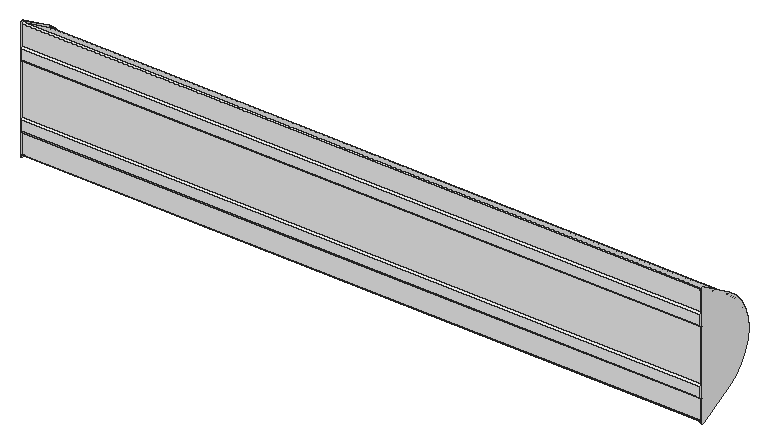
Revit family "LELW", category Lighting Fixtures, host Wall, Revit 2019
Family settings
  Host = Wall
  Round Connector Dimension = Use Diameter
  Part Type = Normal
  OmniClass Number = 23.80.70.00
  OmniClass Title = Lighting
  Always vertical = Yes
  Cut with Voids When Loaded = No
  Light Source = Yes
  Shared = No
  Room Calculation Point = No
Parameters (values of type "LELW48-LED840K082LUNV")
  Width = 0' - 8 13/256"
  Wattage = 64 W
  built-in parameter 1150110 = 1 (stored number, unit not read)
  Voltage = 120 V
  URL = "https://www.viscor.com/en/products/lelw"
  built-in parameter 1114217 = 0.9 (stored number, unit not read)
  Tilt Angle = 0.00° - 180.00°  # -180.00°
  built-in parameter 1150109 = 1 (stored number, unit not read)
  built-in parameter 1150134 = 12
  built-in parameter 1150113 = 1 (stored number, unit not read)
  Photometric Web File = "LELW48-LED840K082LUNV.ies"
  Model = "LELW"  # constant formula
  Manufacturer = "VISIONEERING by VISCOR"  # constant formula
  Lumens = 8448 lm
  built-in parameter 1150115 = 1 (stored number, unit not read)
  built-in parameter 1150105 = 672.27 (stored number, unit not read)
  built-in parameter 1150137 = (empty or 0)
  built-in parameter 1150139 = (empty or 0)
  Lens Finish = Acrylic - Viscor - Frosted Extruded Micro-Grooved
  Length = 3' - 9 5/128"
  Lamp Wattage = 64 VA
  built-in parameter 1150112 = 1 (stored number, unit not read)
  built-in parameter 1150114 = 1 (stored number, unit not read)
  Lamp = "LED"  # constant formula
  built-in parameter 1150132 = (empty or 0)
  built-in parameter 1150102 = (empty or 0)
  built-in parameter 1150138 = (empty or 0)
  built-in parameter 1150107 = 4000 (stored number, unit not read)
  built-in parameter 1150106 = 6.7227 (stored number, unit not read)
  Housing Finish = Metal - Viscor - White
  Emit from Line Length = Length  # 3' - 9 5/128"
  built-in parameter 1150104 = 12.263 (stored number, unit not read)
  Dimming Lamp Color Temperature Shift = <None>
  Description = "Specification-Grade ADA Surface Mount LED Luminarie"  # constant formula
  Color Filter = 16777215
  built-in parameter 1114218 = 1 (stored number, unit not read)
  built-in parameter 1150133 = 10 (stored number, unit not read)
  Assembly Code = "D5020200"
  Apparent Load = Lamp Wattage  # 64 VA
Types (6): name | Wattage | Photometric Web File | Lumens | built-in parameter 1150105 | Length | Lamp Wattage | built-in parameter 1150106 | Emit from Line Length | built-in parameter 1150104 | Apparent Load
  (no name) | 64 W | "LELW48-LED840K082LUNV.ies" | 8448 lm | 672.27 (stored number, unit not read) | 3' - 9 5/128" | 64 VA | 6.7227 (stored number, unit not read) | 3' - 9 5/128" | 12.263 (stored number, unit not read) | 64 VA
  LELW24-LED840K020LUNV | 16 W | "LELW24-LED840K020LUNV.ies" | 2080 lm | 165.52 (stored number, unit not read) | 1' - 11 5/128" | 16 VA | 1.6552 (stored number, unit not read) | 1' - 11 5/128" | 12.077 (stored number, unit not read) | 16 VA
  LELW24-LED840K041LUNV | 32 W | "LELW24-LED840K041LUNV.ies" | 4160 lm | 331.04 (stored number, unit not read) | 1' - 11 5/128" | 32 VA | 3.3104 (stored number, unit not read) | 1' - 11 5/128" | 12.077 (stored number, unit not read) | 32 VA
  LELW48-LED840K053LUNV | 39 W | "LELW48-LED840K053LUNV.ies" | 5382 lm | 428.29 (stored number, unit not read) | 3' - 9 5/128" | 39 VA | 4.2829 (stored number, unit not read) | 3' - 9 5/128" | 12.821 (stored number, unit not read) | 39 VA
  LELW48-LED840K082LUNV | 64 W | "LELW48-LED840K082LUNV.ies" | 8448 lm | 672.27 (stored number, unit not read) | 3' - 9 5/128" | 64 VA | 6.7227 (stored number, unit not read) | 3' - 9 5/128" | 12.263 (stored number, unit not read) | 64 VA
  LELW48-LED840K041LUNV | 32 W | "LELW48-LED840K041LUNV.ies" | 4160 lm | 331.04 (stored number, unit not read) | 3' - 9 5/128" | 32 VA | 3.3104 (stored number, unit not read) | 3' - 9 5/128" | 12.077 (stored number, unit not read) | 32 VA
Reference planes (in)
  plane 1: y = 0
  plane 2 "Light Source Axis (F/B)": y = 6.90625
  plane 3 "Light Source Axis (L/R)": x = -1.43133
  plane 4 "Light Source Elevation": z = 77.7706
  plane 5: z = 81.79599
  plane 6: z = 73.7452
  plane 7: x = 21.08821
  plane 8: x = -23.95086
  plane 9: x = -23.91961
  plane 10: x = 21.05696
Forms (in)
  Extrusion 1, solid, material "Metal - Viscor - White" <- "Housing Finish"
    sketch origin (-1.43133, 0, 0) x (0, -1, 0) y (0, 0, 1)
      loop
        arc (-5.3166, 80.23475) -> (-6.938, 77.42225) -> (-5.3166, 74.60975) r 3.25
        line (-5.3166, 74.60975) -> (-3.25064, 73.41344)
        arc (-3.25064, 73.41344) -> (-3.12557, 73.41332) -> (-3.063, 73.52161) r 0.125
        line (-3.063, 73.52161) -> (-3.063, 81.32289)
        arc (-3.063, 81.32289) -> (-3.12557, 81.43118) -> (-3.25064, 81.43106) r 0.125
        line (-3.25064, 81.43106) -> (-5.3166, 80.23475)
    from -22.51953 to -22.48828
  Extrusion 2, solid, material "Metal - Viscor - White" <- "Housing Finish"
    sketch origin (-1.43133, 0, 0) x (0, -1, 0) y (0, 0, -1)
      loop
        line (-5.3166, -80.23475) -> (-3.25064, -81.43106)
        arc (-3.25064, -81.43106) -> (-3.12557, -81.43118) -> (-3.063, -81.32289) r 0.125
        line (-3.063, -81.32289) -> (-3.063, -73.52161)
        arc (-3.063, -73.52161) -> (-3.12557, -73.41332) -> (-3.25064, -73.41344) r 0.125
        line (-3.25064, -73.41344) -> (-5.3166, -74.60975)
        arc (-5.3166, -74.60975) -> (-6.938, -77.42225) -> (-5.3166, -80.23475) r 3.25
    from -22.51953 to -22.48828
  Extrusion 3, solid, material "Metal - Viscor - White" <- "Housing Finish"
    sketch origin (-1.43133, 0, 0) x (0, -1, 0) y (0, 0, 1)
      loop
        line (-4.53, 76.79372) -> (-4.53, 78.05078) -> (-5.00582, 80.04612) -> (-5.03622, 80.03887) -> (-4.56125, 78.0471) -> (-4.56125, 76.7974) -> (-5.03622, 74.80563) -> (-5.00582, 74.79838) -> (-4.53, 76.79372)
    from -22.48828 to 22.48828
  Extrusion 4, solid, material "Acrylic - Viscor - Frosted Extruded Micro-Grooved" <- "Lens Finish"
    sketch origin (-1.43133, 0, 0) x (0, -1, 0) y (0, 0, 1)
      loop
        line (-5.094, 80.13232) -> (-5.17361, 79.9295)
        arc (-5.17361, 79.9295) -> (-5.22443, 79.88898) -> (-5.28493, 79.91272) r 0.065
        line (-5.28493, 79.91272) -> (-5.34292, 79.98544)
        arc (-5.34292, 79.98544) -> (-5.38232, 80.0089) -> (-5.4274, 80.00051) r 0.065
        arc (-5.4274, 80.00051) -> (-6.88038, 77.42225) -> (-5.4274, 74.84399) r 3.01401
        arc (-5.4274, 74.84399) -> (-5.38232, 74.8356) -> (-5.34292, 74.85906) r 0.065
        line (-5.34292, 74.85906) -> (-5.28493, 74.93177)
        arc (-5.28493, 74.93177) -> (-5.22443, 74.95552) -> (-5.17361, 74.915) r 0.065
        line (-5.17361, 74.915) -> (-5.094, 74.71218) -> (-5.03815, 74.7341) -> (-5.11776, 74.93692)
        arc (-5.11776, 74.93692) -> (-5.21549, 75.01485) -> (-5.33184, 74.96918) r 0.125
        line (-5.33184, 74.96918) -> (-5.39099, 74.89501)
        arc (-5.39099, 74.89501) -> (-6.81788, 77.42225) -> (-5.39099, 79.94949) r 2.95151
        line (-5.39099, 79.94949) -> (-5.33184, 79.87532)
        arc (-5.33184, 79.87532) -> (-5.21549, 79.82965) -> (-5.11776, 79.90758) r 0.125
        line (-5.11776, 79.90758) -> (-5.03815, 80.1104) -> (-5.094, 80.13232)
    from -22.48828 to 22.48828
  Extrusion 5, solid, material "Metal - Viscor - White" <- "Housing Finish"
    sketch origin (-1.43133, 0, 0) x (0, -1, 0) y (0, 0, 1)
      loop
        arc (-5.36372, 74.83488) -> (-5.39308, 74.77535) -> (-5.35865, 74.7186) r 0.069
        line (-5.35865, 74.7186) -> (-3.2285, 73.48876)
        arc (-3.2285, 73.48876) -> (-3.1595, 73.48876) -> (-3.125, 73.54852) r 0.069
        line (-3.125, 73.54852) -> (-3.125, 74.84732) -> (-3, 74.97232) -> (-3, 75.62218) -> (-3.125, 75.74718) -> (-3.125, 79.09732) -> (-3, 79.22232) -> (-3, 79.87218) -> (-3.125, 79.99718) -> (-3.125, 81.29598)
        arc (-3.125, 81.29598) -> (-3.1595, 81.35574) -> (-3.2285, 81.35574) r 0.069
        line (-3.2285, 81.35574) -> (-5.35865, 80.1259)
        arc (-5.35865, 80.1259) -> (-5.39308, 80.06915) -> (-5.36372, 80.00962) r 0.069
        line (-5.36372, 80.00962) -> (-5.2067, 79.89967) -> (-5.18877, 79.92527) -> (-5.3458, 80.03522)
        arc (-5.3458, 80.03522) -> (-5.36186, 80.06779) -> (-5.34302, 80.09883) r 0.03775
        line (-5.34302, 80.09883) -> (-3.21287, 81.32867)
        arc (-3.21287, 81.32867) -> (-3.17512, 81.32867) -> (-3.15625, 81.29598) r 0.03775
        line (-3.15625, 81.29598) -> (-3.15625, 79.98423) -> (-3.03125, 79.85923) -> (-3.03125, 79.23527) -> (-3.15625, 79.11027) -> (-3.15625, 75.73423) -> (-3.03125, 75.60923) -> (-3.03125, 74.98527) -> (-3.15625, 74.86027) -> (-3.15625, 73.54852)
        arc (-3.15625, 73.54852) -> (-3.17512, 73.51583) -> (-3.21287, 73.51583) r 0.03775
        line (-3.21287, 73.51583) -> (-5.34302, 74.74567)
        arc (-5.34302, 74.74567) -> (-5.36186, 74.77671) -> (-5.3458, 74.80928) r 0.03775
        line (-5.3458, 74.80928) -> (-5.18877, 74.91923) -> (-5.2067, 74.94483) -> (-5.36372, 74.83488)
    from -22.48828 to 22.48828
Text (in)
  text "Placement Side" at (0, 40.15149, 123.01588), in view "Right"
  text "Placement Side" at (-70.3804, 28.46503, 0), in view "Ref. Level"
  text "Placement Side" at (0, 85.69064, 140.59947), in view "Left"
Dimensions and locks (in)
  equal spacing: plane 8, plane 3 "Light Source Axis (L/R)", plane 7
  equal spacing: plane 6, plane 4 "Light Source Elevation", plane 5
  "Length": plane 8 to plane 7
  "Width": plane 6 to plane 5
  locked: plane 10 to plane 7 at 0.03125
  locked: plane 8 to plane 9 at 0.03125
  aligned: level to host wall
  aligned and locked: plane 3 "Light Source Axis (L/R)" to imposter light
  aligned and locked: plane 2 "Light Source Axis (F/B)" to imposter light
  aligned and locked: plane 4 "Light Source Elevation" to imposter light
  aligned and locked: Extrusion 1 to plane 7
  aligned and locked: plane 10 to Extrusion 1
  aligned and locked: plane 8 to Extrusion 2
  aligned and locked: Extrusion 2 to plane 9
  aligned and locked: Extrusion 3 to plane 10
  aligned and locked: plane 9 to Extrusion 3
  aligned and locked: plane 9 to Extrusion 4
  aligned and locked: Extrusion 4 to plane 10
  aligned and locked: Extrusion 5 to plane 10
  aligned and locked: plane 9 to Extrusion 5
Automatic sketch dimensions
  plane 2 "Light Source Axis (F/B)" to Extrusion 1 sketch curve = 0' - 1.58965"  (x2)
  plane 4 "Light Source Elevation" to Extrusion 1 sketch curve = 0' - 0.34835"
  host wall to Extrusion 1 sketch curve = 0' - 0.688"
  host wall to Extrusion 1 sketch curve = 0' - 0.25064"  (x2)
  Extrusion 1 sketch curve to Extrusion 1 sketch curve = 0' - 0.06264"  (x2)
  host wall to Extrusion 1 sketch curve = 0' - 0.063"
  plane 6 to Extrusion 1 sketch curve = 0' - 0.86454"
  Extrusion 1 sketch curve to plane 6 = 0' - 0.2236"
  Extrusion 1 sketch curve to plane 5 = 0' - 0.4731"
  plane 2 "Light Source Axis (F/B)" to Extrusion 2 sketch curve = 0' - 1.58965"  (x2)
  plane 4 "Light Source Elevation" to Extrusion 2 sketch curve = 0' - 0.34835"
  host wall to Extrusion 2 sketch curve = 0' - 0.688"
  host wall to Extrusion 2 sketch curve = 0' - 0.25064"  (x2)
  Extrusion 2 sketch curve to Extrusion 2 sketch curve = 0' - 0.06264"  (x2)
  host wall to Extrusion 2 sketch curve = 0' - 0.063"
  Extrusion 2 sketch curve to plane 5 = 0' - 1.56124"
  Extrusion 2 sketch curve to plane 5 = 0' - 0.4731"
  Extrusion 2 sketch curve to plane 6 = 0' - 0.2236"
  plane 2 "Light Source Axis (F/B)" to Extrusion 3 sketch curve = 0' - 1.87003"
  Extrusion 3 sketch curve to Extrusion 3 sketch curve = 0' - 0.0304"  (x2)
  host wall to Extrusion 3 sketch curve = 0' - 1.56125"
  plane 4 "Light Source Elevation" to Extrusion 3 sketch curve = 0' - 0.97687"
  Extrusion 3 sketch curve to Extrusion 3 sketch curve = 0' - 0.00367"  (x2)
  Extrusion 3 sketch curve to plane 4 "Light Source Elevation" = 0' - 0.27651"
  plane 6 to Extrusion 3 sketch curve = 0' - 1.06042"
  Extrusion 3 sketch curve to Extrusion 3 sketch curve = 0' - 0.00725"
  plane 2 "Light Source Axis (F/B)" to Extrusion 4 sketch curve = 0' - 1.67214"
  Extrusion 4 sketch curve to Extrusion 4 sketch curve = 0' - 0.06051"  (x2)
  Extrusion 4 sketch curve to plane 5 = 0' - 1.86648"
  Extrusion 4 sketch curve to Extrusion 4 sketch curve = 0' - 0.02375"
  Extrusion 4 sketch curve to Extrusion 4 sketch curve = 0' - 0.05082"  (x4)
  Extrusion 4 sketch curve to Extrusion 4 sketch curve = 0' - 0.07961"  (x2)
  Extrusion 4 sketch curve to Extrusion 4 sketch curve = 0' - 0.05798"  (x2)
  Extrusion 4 sketch curve to Extrusion 4 sketch curve = 0' - 0.07271"  (x2)
  Extrusion 4 sketch curve to Extrusion 4 sketch curve = 0' - 0.04053"  (x2)
  Extrusion 4 sketch curve to Extrusion 4 sketch curve = 0' - 0.03367"  (x2)
  plane 4 "Light Source Elevation" to Extrusion 4 sketch curve = 0' - 0.34835"
  Extrusion 4 sketch curve to Extrusion 4 sketch curve = 0' - 0"  (x8)
  plane 6 to Extrusion 4 sketch curve = 0' - 1.09878"
  Extrusion 4 sketch curve to Extrusion 4 sketch curve = 0' - 0.20282"
  plane 6 to Extrusion 4 sketch curve = 0' - 0.98889"
  plane 6 to Extrusion 4 sketch curve = 0' - 1.19172"
  Extrusion 4 sketch curve to Extrusion 4 sketch curve = 0' - 0.04691"  (x2)
  Extrusion 4 sketch curve to Extrusion 4 sketch curve = 0' - 0.00274"  (x2)
  Extrusion 4 sketch curve to Extrusion 4 sketch curve = 0' - 0.00458"
  Extrusion 4 sketch curve to Extrusion 4 sketch curve = 0' - 0.03741"
  Extrusion 4 sketch curve to Extrusion 4 sketch curve = 0' - 0.05585"
  Extrusion 4 sketch curve to Extrusion 4 sketch curve = 0' - 0.02192"
  Extrusion 5 sketch curve to Extrusion 5 sketch curve = 0' - 0"  (x8)
  Extrusion 5 sketch curve to host wall = 0' - 0"  (x2)
  host wall to Extrusion 5 sketch curve = 0' - 0 1/32"  (x2)
  host wall to Extrusion 5 sketch curve = 0' - 0 1/8"  (x3)
  Extrusion 5 sketch curve to Extrusion 5 sketch curve = 0' - 0 1/32"  (x3)
  Extrusion 5 sketch curve to Extrusion 5 sketch curve = 0' - 0.03775"  (x2)
  Extrusion 5 sketch curve to Extrusion 5 sketch curve = 0' - 0.01887"  (x3)
  Extrusion 5 sketch curve to Extrusion 5 sketch curve = 0' - 0 1/64"  (x4)
  plane 2 "Light Source Axis (F/B)" to Extrusion 5 sketch curve = 0' - 1.71748"
  plane 6 to Extrusion 5 sketch curve = 0' - 1.19963"
  Extrusion 5 sketch curve to Extrusion 5 sketch curve = 0' - 0.01792"  (x4)
  Extrusion 5 sketch curve to Extrusion 5 sketch curve = 0' - 0.13537"
  plane 2 "Light Source Axis (F/B)" to Extrusion 5 sketch curve = 0' - 1.5821"
  Extrusion 5 sketch curve to Extrusion 5 sketch curve = 0' - 0.01888"
  Extrusion 5 sketch curve to Extrusion 5 sketch curve = 0' - 0.02165"  (x2)
  Extrusion 5 sketch curve to Extrusion 5 sketch curve = 0' - 0.0256"  (x2)
  plane 6 to Extrusion 5 sketch curve = 0' - 1.11506"
  Extrusion 5 sketch curve to Extrusion 5 sketch curve = 0' - 0.01294"  (x8)
  Extrusion 5 sketch curve to Extrusion 5 sketch curve = 0' - 0.03092"  (x2)
  Extrusion 5 sketch curve to plane 6 = 0' - 0.19669"
  Extrusion 5 sketch curve to Extrusion 5 sketch curve = 0' - 0 1/8"  (x4)
  Extrusion 5 sketch curve to Extrusion 5 sketch curve = 0' - 0.62396"  (x2)
  Extrusion 5 sketch curve to plane 4 "Light Source Elevation" = 0' - 1.32673"
  Extrusion 5 sketch curve to plane 5 = 0' - 1.78637"
  Extrusion 5 sketch curve to plane 5 = 0' - 0 1/2"
  Extrusion 5 sketch curve to Extrusion 5 sketch curve = 0' - 0.10995"
Connectors (in)
  electrical at (-1.5, 6.90625, 77.7706), driven by "Voltage", driven by "Lamp Wattage"
    settings: index 1, voltage 120 V, apparent load 0 VA, apparent load phase1 64 VA, apparent load phase2 0 VA, apparent load phase3 0 VA, power factor 1, load classification "Other", number of poles 1, system type 31, power factor state 1, is connector primary yes, connector utility no, sub classification motor no, connector description ""
